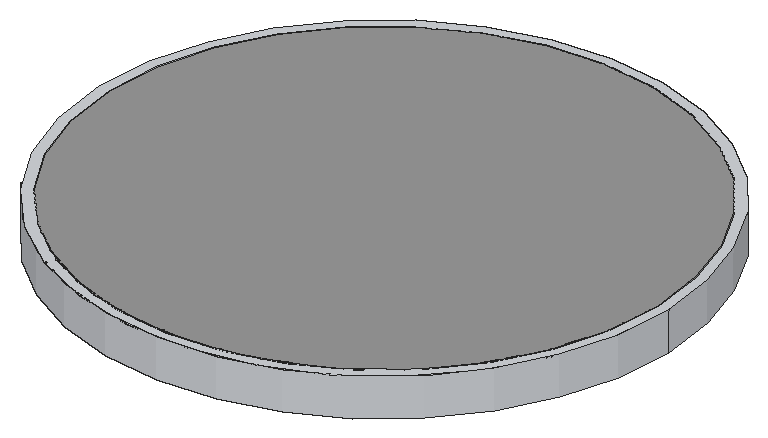
Revit family "2071279", category Lighting Fixtures, host Face, Revit 2018
Family settings
  Host = Face
  Round Connector Dimension = Use Diameter
  Part Type = Normal
  OmniClass Number = 23.80.70.00
  OmniClass Title = Lighting
  Cut with Voids When Loaded = No
  Light Source = Yes
  Shared = No
  Room Calculation Point = No
Parameters (values of type "2071279 COLOSSAL 900 940 PR DIR+H WHT SSA02")
  iner diameter = 856 mm
  Weight = "n/a"
  Wattage Comments = ""
  Wattage = 30 W
  WarrantyStartDate [instance] = "n/a"
  WarrantyGuarantorParts = "n/a"
  WarrantyDurationUnit = "n/a"
  WarrantyDurationParts = ""
  WarrantyDescription = "http://www.sylvania-lighting.com"
  built-in parameter 1150110 = 1 (stored number, unit not read)
  Voltage = 230 V
  URL = "0.99"
  TypeName = "COLOSSAL 900mm 940 PRISM DIR+HAL WHITE SSA02"
  Type Image = <None>
  Type Comments = "n/a"
  built-in parameter 1114217 = 1 (stored number, unit not read)
  Tilt Angle = -90.00°
  built-in parameter 1150109 = 1 (stored number, unit not read)
  built-in parameter 1150134 = (empty or 0)
  built-in parameter 1150113 = 1 (stored number, unit not read)
  SerialNumber [instance] = "n/a"
  Photometric Web File = "2071279.ies"
  Material_3_SYL = LED-Sylvania
  PowerFactor = 0
  PowerConsumption = "Lighting"
  NominalLength = 888 mm
  NominalHeight = 93 mm
  NominalDepth = 888 mm
  Name = "COLOSSAL 900mm 940 PRISM DIR+HAL WHITE SSA02"
  ModelReference = Name  # "COLOSSAL 900mm 940 PRISM DIR+HAL WHITE SSA02"
  ModelNumber = "2071279"
  Model = Name  # "COLOSSAL 900mm 940 PRISM DIR+HAL WHITE SSA02"
  Material = "Feilo Sylvania"
  ManufacturerName = "118 lm/W"
  Manufacturer = ""
  LuminousEfficacy = ""
  built-in parameter 1150105 = 270.44 (stored number, unit not read)
  Lumens = 3398.4 lm
  LuminaireType = "0"
  built-in parameter 1150115 = 1 (stored number, unit not read)
  LightOutputRatio = "LED"
  built-in parameter 1150137 = (empty or 0)
  built-in parameter 1150139 = (empty or 0)
  LampsType = Lamp  # "n/a"
  LampNominalLuminous = "4000 K"
  LampMacAdamStep = "90"
  LampColourTemperature = "LED"
  LampColourRenderingIndex = "16500"
  built-in parameter 1150112 = 1 (stored number, unit not read)
  built-in parameter 1150114 = 1 (stored number, unit not read)
  Lamp = "n/a"
  Keynote = "n/a"
  InstallationDate [instance] = "n/a"
  InputVoltage = "0"
  InputNominalFrequency = "4000"
  built-in parameter 1150132 = (empty or 0)
  built-in parameter 1150102 = (empty or 0)
  built-in parameter 1150107 = 3000 (stored number, unit not read)
  built-in parameter 1150138 = (empty or 0)
  IngressProtection = "IfcLightFixtureType"
  ImpactProtectionIndex = "IfcLightFixtureType"
  built-in parameter 1150106 = 2.7044 (stored number, unit not read)
  IfcExportType = "IfcLightFixtureType"
  IfcExportAs = "Class I"
  Emit from Circle Diameter = 385 mm
  Emit Shape Visible in Rendering = no
  ElectricShockClassification = "118"
  built-in parameter 1150104 = 10.524 (stored number, unit not read)
  DocumentationLiterature = "http://www.sylvania-lighting.com/product/en-int/products/2071279"
  DimmingControlOptions = "n/a"
  Material_2_SYL = Polycarbonate_Sylvania_White
  Dimming Lamp Color Temperature Shift = <None>
  Description = "900mm diameter circular architectural luminaire, can be surface mounted or suspended. Powder coated aluminium housing (RAL9016) with PMMA prismatic diffuser. Direct/indirect (halo) light distribution, 7055lm luminuous flux, 60W system power, 118lm/W luminiaire efficacy. Sylsmart Connected enabled. Colour rendering index Ra >90, 4000K Neutral White LED, chromaticity tolerance of 3-step MacAdam ellipse. IP40/IP20, IK03. 350mA drive current. UGR≤19. Electrical protection Class1, 220-240V. Reported lifetime 66k hours L90B10."
  Default Elevation = 1219.2 mm
  CreatedOn = "23/03/2022"
  CreatedBy = "@sylvania-lighting.com"
  Cost = 0
  Color Filter = 16777215
  built-in parameter 1114216 [instance] = (empty or 0)
  ClassificationValue = "EF_70_80"
  ClassificationName = "Uniclass2015"
  Material_1_SYL = Polycarbonate_Sylvania_Opal
  BarCode [instance] = "n/a"
  built-in parameter 1114218 = 1 (stored number, unit not read)
  built-in parameter 1150133 = 10 (stored number, unit not read)
  AssetType = "Fixed"
  AssetIdentifier [instance] = "n/a"
  Assembly Code = "D5020200"
  Apparent Load = 60 VA
  Material_4_SYL = none
Reference planes
  plane 1 "Center (Front/Back)": y = 0
  plane 2: z = 0
  plane 3 "Center (Left/Right)": x = 0
  plane 4: z = 1.161
  plane 5: z = 16.161
  plane 6: x = -444
  plane 7: x = 444
  plane 8: y = 444
  plane 9: y = -444
  plane 10: y = 236
  plane 11: y = -236
  plane 12: x = 85
  plane 13: x = -85
  plane 14: through (0, 0, 1219.2) normal (0.5, 0.866, 0)
  plane 15: through (42.5, 73.612, 1219.2) normal (0.5, 0.866, 0)
  plane 16: through (-42.5, -73.612, 1219.2) normal (0.5, 0.866, 0)
  plane 17: through (0, 0, 1219.2) normal (0.5, -0.866, 0)
  plane 18: through (-42.5, 73.612, 1219.2) normal (0.5, -0.866, 0)
  plane 19: through (42.5, -73.612, 1219.2) normal (0.5, -0.866, 0)
  plane 20: z = 93
  plane 21: y = 428
  plane 22: y = -428
Forms (mm)
  Extrusion 1, solid, detail levels medium+fine
    sketch origin (0, 0, 0) x (0.866025, -0.5, 0) y (0.5, 0.866025, 0)
      loop
        circle (-50, 86.603) r 22
    from 0 to 2
  Extrusion 2, solid, detail levels medium+fine
    sketch origin (0, 0, 0) x (0.866025, -0.5, 0) y (0.5, 0.866025, 0)
      loop
        circle (100, 0) r 22
      loop
        circle (-50, -86.603) r 22
    from 0 to 2
  Blend 3, solid, detail levels medium+fine
    base sketch origin (0, 0, 0) x (1, 0, 0) y (0, 1, 0)
      loop
        line (-85, 236) -> (-246.882, -44.388) -> (-161.882, -191.612) -> (161.882, -191.612) -> (246.882, -44.388) -> (85, 236) -> (-85, 236)
    top sketch origin (0, 0, 0) x (1, 0, 0) y (0, 1, 0)
      loop
        line (-85, 283.076) -> (-287.651, -67.926) -> (-207.792, -218.119) -> (207.792, -218.119) -> (292.5, -71.401) -> (85, 283.076) -> (-85, 283.076)
    from 0 to 33.022
  Extrusion 4, solid, detail levels medium+fine
    sketch origin (0, 0, 0) x (1, 0, 0) y (0, 1, 0)
      loop
        circle (0, 0) r 444
    from 33.022 to 93
  Extrusion 5, void
    sketch origin (0, 0, 0) x (1, 0, 0) y (0, 1, 0)
      loop
        circle (0, 0) r 428
    from 96.588 to 37.292
  Extrusion 6, solid, material "Glass, White, High Luminance", detail levels fine
    sketch origin (0, 0, 0) x (1, 0, 0) y (0, 1, 0)
      loop
        circle (0, 0) r 428
    from 87.991 to 93
  Extrusion 7, solid, detail levels coarse
    sketch origin (0, 0, 0) x (1, 0, 0) y (0, 1, 0)
      loop
        line (-444, 444) -> (-444, -444) -> (444, -444) -> (444, 444) -> (-444, 444)
    from 0 to 93.648
Cuts and joins
  Extrusion 5 cuts Extrusion 1
  Extrusion 5 cuts Extrusion 2
  Extrusion 5 cuts Blend 3
  Extrusion 5 cuts Extrusion 4
Lines and regions (mm)
  model lines, detail levels medium+fine
    curve 1: circle (0, 0, 0) r 100 normal (0, 0, 1)
Dimensions and locks
  "NominalDepth": plane 8 to plane 9
  plane 8 to plane 1 "Center (Front/Back)" to plane 9 = 444 mm, 444 mm
  "NominalLength": plane 6 to plane 7
  equal spacing: plane 6, plane 3 "Center (Left/Right)", plane 7
  "NominalHeight": level to plane 20
  "iner diameter": plane 21 to plane 22
  equal spacing: plane 21, plane 1 "Center (Front/Back)", plane 22
  aligned and locked: plane 2 to host face
  aligned and locked: level to host face
Automatic sketch dimensions
  host sketch curve to host sketch curve = 2438.4 mm  (x2)
  Extrusion 1 sketch curve to plane 3 "Center (Left/Right)" = 0 mm
  Extrusion 1 sketch curve to plane 1 "Center (Front/Back)" = 100 mm
  plane 1 "Center (Front/Back)" to Extrusion 2 sketch curve = 50 mm
  Extrusion 2 sketch curve to plane 3 "Center (Left/Right)" = 86.603 mm
  Extrusion 2 sketch curve to Extrusion 2 sketch curve = 150 mm
  Extrusion 2 sketch curve to Extrusion 2 sketch curve = 86.603 mm
  plane 1 "Center (Front/Back)" to curve 1 = 0 mm
  curve 1 to plane 3 "Center (Left/Right)" = 0 mm
  plane 18 to Blend 3 sketch curve = 0 mm  (x2)
  plane 19 to Blend 3 sketch curve = 0 mm  (x2)
  Blend 3 sketch curve to plane 10 = 0 mm
  Blend 3 sketch curve to plane 13 = 0 mm  (x2)
  Blend 3 sketch curve to plane 12 = 0 mm  (x2)
  Blend 3 sketch curve to plane 16 = 0 mm  (x2)
  Blend 3 sketch curve to plane 15 = 0 mm
  plane 11 to Blend 3 sketch curve = 44.388 mm
  plane 1 "Center (Front/Back)" to Blend 3 sketch curve = 44.388 mm  (x2)
  plane 11 to Blend 3 sketch curve = 17.881 mm
  plane 1 "Center (Front/Back)" to Blend 3 sketch curve = 67.926 mm
  plane 1 "Center (Front/Back)" to Blend 3 sketch curve = 71.401 mm
  Blend 3 sketch curve to plane 7 = 151.5 mm
  plane 10 to Blend 3 sketch curve = 47.076 mm
  plane 1 "Center (Front/Back)" to Extrusion 4 sketch curve = 0 mm
  Extrusion 4 sketch curve to plane 3 "Center (Left/Right)" = 0 mm
  plane 1 "Center (Front/Back)" to Extrusion 5 sketch curve = 0 mm
  Extrusion 5 sketch curve to plane 3 "Center (Left/Right)" = 0 mm
  plane 1 "Center (Front/Back)" to Extrusion 6 sketch curve = 0 mm
  Extrusion 6 sketch curve to plane 3 "Center (Left/Right)" = 0 mm
  Extrusion 7 sketch curve to plane 6 = 0 mm
  Extrusion 7 sketch curve to plane 7 = 0 mm
  Extrusion 7 sketch curve to plane 9 = 0 mm
  Extrusion 7 sketch curve to plane 8 = 0 mm
  radius of Extrusion 1 sketch curve = 22 mm
  radius of Extrusion 2 sketch curve = 22 mm  (x2)
  radius of curve 1 = 100 mm
  radius of Extrusion 4 sketch curve = 444 mm
  radius of Extrusion 5 sketch curve = 428 mm
  radius of Extrusion 6 sketch curve = 428 mm
Connectors
  electrical at (0, 0, 0), driven by "Apparent Load", driven by "PowerFactor", driven by "Voltage"
    settings: index 1, voltage 230 V, apparent load 60 VA, apparent load phase1 0 VA, apparent load phase2 0 VA, apparent load phase3 0 VA, power factor 0, load classification "Lighting", number of poles 1, system type 30, power factor state 1, is connector primary yes, connector utility no, sub classification motor no, connector description ""
